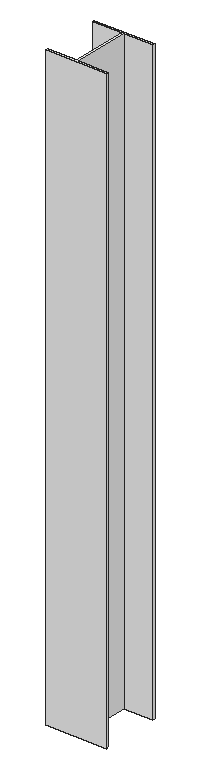
Revit family "VS - CS de vigas soldadas - Coluna", category Pilares estruturais, Revit 2019
Family settings
  Forma do corte = Não definido
  Material para o comportamento do modelo = Aço
  Exportar sempre como geometria = Não
  Redução da viga na planta = Da caixa de vinculação
  Corte com vazios quando carregada = Não
  Representação simbólica = Das configurações de projeto
  Compartilhado = Não
  Exibir o pré-corte da família na vista da planta = Sim
Parameters (values of type "CS 250x52")
  tw = 8 mm
  tf = 9.5 mm
  d = 250 mm
  bf = 250 mm
  W = 0.0518
  Structural Material [instance] = Metal - Aço - 250 MPa
  A = 0.0066 m²
Reference planes
  plane 1 "Centro (Frente/Trás)": y = 0
  plane 2: z = 0
  plane 3 "Centro (Esquerda/Direita)": x = 0
  plane 4 "Esquerda": x = -125
  plane 5 "Direita": x = 125
  plane 6 "Parte posterior": y = 125
  plane 7 "Parte frontal": y = -125
  plane 8: x = -4
  plane 9: x = 4
  plane 10: y = -115.5
  plane 11: y = 115.5
Forms (mm)
  Extrusion 1, solid, material "Metal - Aço - 250 MPa" <- "Structural Material", detail levels medium+fine
    sketch origin (0, 0, 0) x (1, 0, 0) y (0, 1, 0)
      loop
        line (-125, 125) -> (-125, 115.5) -> (-4, 115.5) -> (-4, -115.5) -> (-125, -115.5) -> (-125, -125) -> (125, -125) -> (125, -115.5) -> (4, -115.5) -> (4, 115.5) -> (125, 115.5) -> (125, 125) -> (-125, 125)
    from 0 to 2500
Lines and regions (mm)
  symbolic lines, style "StructuralColumnStickSymbols", detail levels coarse
    curve 1: line (125, 125, 0) -> (-125, 125, 0)
    curve 2: line (-125, -125, 0) -> (125, -125, 0)
    curve 3: line (0, 125, 0) -> (0, -125, 0)
  symbolic lines, style "Faces ocultas", detail levels medium+fine
    curve 4: line (4, 125, 0) -> (4, 125, 2500)
    curve 5: line (-4, 125, 2500) -> (-4, 125, 0)
Dimensions and locks
  equal spacing: plane 4 "Esquerda", plane 3 "Centro (Esquerda/Direita)", plane 5 "Direita"
  equal spacing: plane 7 "Parte frontal", plane 1 "Centro (Frente/Trás)", plane 6 "Parte posterior"
  "bf": plane 4 "Esquerda" to plane 5 "Direita"
  "d": plane 7 "Parte frontal" to plane 6 "Parte posterior"
  "tf": plane 6 "Parte posterior" to plane 11
  "tf": plane 10 to plane 7 "Parte frontal"
  equal spacing: plane 8, plane 3 "Centro (Esquerda/Direita)", plane 9
  "tw": plane 8 to plane 9
  aligned and locked: level to plane 2
  aligned and locked: plane 6 "Parte posterior" to Extrusion 1 sketch curve
  aligned and locked: Extrusion 1 sketch curve to plane 7 "Parte frontal"
  aligned and locked: plane 5 "Direita" to Extrusion 1 sketch curve  (x2)
  aligned and locked: Extrusion 1 sketch curve to plane 4 "Esquerda"  (x2)
  aligned and locked: level to Extrusion 1
  aligned and locked: Extrusion 1 to level
  aligned and locked: plane 11 to Extrusion 1 sketch curve  (x2)
  aligned and locked: plane 8 to Extrusion 1 sketch curve
  aligned and locked: plane 9 to Extrusion 1 sketch curve
  aligned and locked: Extrusion 1 sketch curve to plane 10  (x2)
  aligned and locked: curve 1 to Extrusion 1
  aligned and locked: curve 2 to Extrusion 1
  aligned and locked: curve 3 to plane 3 "Centro (Esquerda/Direita)"
  aligned and locked: plane 4 "Esquerda" to curve 1
  aligned and locked: plane 5 "Direita" to curve 1
  aligned and locked: plane 4 "Esquerda" to curve 2
  aligned and locked: plane 5 "Direita" to curve 2
  aligned and locked: plane 7 "Parte frontal" to curve 3
  aligned and locked: plane 6 "Parte posterior" to curve 3
  aligned and locked: curve 4 to Extrusion 1
  aligned and locked: curve 5 to Extrusion 1
  aligned and locked: level to curve 4
  aligned and locked: level to curve 5
  aligned and locked: plane 2 to curve 4
  aligned and locked: plane 2 to curve 5
Automatic sketch dimensions
  curve 5 to plane 8 = 0 mm
  plane 9 to curve 4 = 0 mm
Types in the file's own list only (99): name | tw | tf | d | bf | W | A
  CS 250x63 | 8 mm | 13 mm | 250 mm | 250 mm | 0.0632 | 0.01 m²
  CS 250x66 | 10 mm | 13 mm | 250 mm | 250 mm | 0.0658 | 0.01 m²
  CS 250x76 | 8 mm | 16 mm | 250 mm | 250 mm | 0.0765 | 0.01 m²
  CS 250x79 | 10 mm | 16 mm | 250 mm | 250 mm | 0.0791 | 0.01 m²
  CS 250x84 | 13 mm | 16 mm | 250 mm | 250 mm | 0.0842 | 0.01 m²
  CS 250x90 | 10 mm | 19 mm | 250 mm | 250 mm | 0.0904 | 0.01 m²
  CS 250x95 | 13 mm | 19 mm | 250 mm | 250 mm | 0.0954 | 0.01 m²
  CS 250x108 | 13 mm | 22 mm | 250 mm | 250 mm | 0.108 | 0.01 m²
  CS 300x62 | 8 mm | 10 mm | 300 mm | 300 mm | 0.0624 | 0.01 m²
  CS 300x76 | 8 mm | 13 mm | 300 mm | 300 mm | 0.0761 | 0.01 m²
  CS 300x95 | 10 mm | 16 mm | 300 mm | 300 mm | 0.0953 | 0.01 m²
  CS 300x102 | 13 mm | 16 mm | 300 mm | 300 mm | 0.102 | 0.01 m²
  CS 300x109 | 10 mm | 19 mm | 300 mm | 300 mm | 0.109 | 0.01 m²
  CS 300x115 | 13 mm | 19 mm | 300 mm | 300 mm | 0.115 | 0.01 m²
  CS 300x122 | 16 mm | 19 mm | 300 mm | 300 mm | 0.122 | 0.02 m²
  CS 300x131 | 13 mm | 22 mm | 300 mm | 300 mm | 0.131 | 0.02 m²
  CS 300x138 | 16 mm | 22 mm | 300 mm | 300 mm | 0.138 | 0.02 m²
  CS 300x149 | 16 mm | 25 mm | 300 mm | 300 mm | 0.149 | 0.02 m²
  CS 350x93 | 10 mm | 13 mm | 350 mm | 350 mm | 0.0929 | 0.01 m²
  CS 350x112 | 10 mm | 16 mm | 350 mm | 350 mm | 0.112 | 0.01 m²
  CS 350x119 | 13 mm | 16 mm | 350 mm | 350 mm | 0.119 | 0.02 m²
  CS 350x128 | 10 mm | 19 mm | 350 mm | 350 mm | 0.128 | 0.02 m²
  CS 350x135 | 13 mm | 19 mm | 350 mm | 350 mm | 0.135 | 0.02 m²
  CS 350x144 | 16 mm | 19 mm | 350 mm | 350 mm | 0.144 | 0.02 m²
  CS 350x153 | 13 mm | 22 mm | 350 mm | 350 mm | 0.153 | 0.02 m²
  CS 350x161 | 16 mm | 22 mm | 350 mm | 350 mm | 0.161 | 0.02 m²
  CS 350x175 | 16 mm | 25 mm | 350 mm | 350 mm | 0.175 | 0.02 m²
  CS 350x183 | 19 mm | 25 mm | 350 mm | 350 mm | 0.182 | 0.02 m²
  CS 350x216 | 19 mm | 32 mm | 350 mm | 350 mm | 0.216 | 0.03 m²
  CS 400x106 | 10 mm | 13 mm | 400 mm | 400 mm | 0.106 | 0.01 m²
  CS 400x128 | 10 mm | 16 mm | 400 mm | 400 mm | 0.128 | 0.02 m²
  CS 400x137 | 13 mm | 16 mm | 400 mm | 400 mm | 0.137 | 0.02 m²
  CS 400x146 | 10 mm | 19 mm | 400 mm | 400 mm | 0.146 | 0.02 m²
  CS 400x155 | 13 mm | 19 mm | 400 mm | 400 mm | 0.155 | 0.02 m²
  CS 400x165 | 16 mm | 19 mm | 400 mm | 400 mm | 0.165 | 0.02 m²
  CS 400x176 | 13 mm | 22 mm | 400 mm | 400 mm | 0.176 | 0.02 m²
  CS 400x185 | 16 mm | 22 mm | 400 mm | 400 mm | 0.185 | 0.02 m²
  CS 400x201 | 16 mm | 25 mm | 400 mm | 400 mm | 0.201 | 0.03 m²
  CS 400x209 | 19 mm | 25 mm | 400 mm | 400 mm | 0.209 | 0.03 m²
  CS 400x248 | 19 mm | 32 mm | 400 mm | 400 mm | 0.248 | 0.03 m²
  CS 450x154 | 13 mm | 16 mm | 450 mm | 450 mm | 0.154 | 0.02 m²
  CS 450x175 | 13 mm | 19 mm | 450 mm | 450 mm | 0.175 | 0.02 m²
  CS 450x186 | 16 mm | 19 mm | 450 mm | 450 mm | 0.186 | 0.02 m²
  CS 450x198 | 13 mm | 22 mm | 450 mm | 450 mm | 0.198 | 0.03 m²
  CS 450x209 | 16 mm | 22 mm | 450 mm | 450 mm | 0.209 | 0.03 m²
  CS 450x227 | 16 mm | 25 mm | 450 mm | 450 mm | 0.227 | 0.03 m²
  CS 450x236 | 19 mm | 25 mm | 450 mm | 450 mm | 0.236 | 0.03 m²
  CS 450x280 | 19 mm | 32 mm | 450 mm | 450 mm | 0.28 | 0.04 m²
  CS 450x291 | 22 mm | 32 mm | 450 mm | 450 mm | 0.291 | 0.04 m²
  CS 450x321 | 19 mm | 38 mm | 450 mm | 450 mm | 0.321 | 0.04 m²
  CS 450x331 | 22 mm | 38 mm | 450 mm | 450 mm | 0.331 | 0.04 m²
  CS 500x172 | 13 mm | 16 mm | 500 mm | 500 mm | 0.172 | 0.02 m²
  CS 500x194 | 13 mm | 19 mm | 500 mm | 500 mm | 0.194 | 0.02 m²
  CS 500x207 | 16 mm | 19 mm | 500 mm | 500 mm | 0.207 | 0.03 m²
  CS 500x221 | 13 mm | 22 mm | 500 mm | 500 mm | 0.221 | 0.03 m²
  CS 500x233 | 16 mm | 22 mm | 500 mm | 500 mm | 0.233 | 0.03 m²
  CS 500x253 | 16 mm | 25 mm | 500 mm | 500 mm | 0.253 | 0.03 m²
  CS 500x283 | 19 mm | 25 mm | 500 mm | 500 mm | 0.263 | 0.03 m²
  CS 500x312 | 19 mm | 32 mm | 500 mm | 500 mm | 0.312 | 0.04 m²
  CS 500x324 | 22 mm | 32 mm | 500 mm | 500 mm | 0.324 | 0.04 m²
  CS 500x333 | 25 mm | 32 mm | 500 mm | 500 mm | 0.333 | 0.04 m²
  CS 500x369 | 22 mm | 38 mm | 500 mm | 500 mm | 0.369 | 0.05 m²
  CS 500x378 | 25 mm | 38 mm | 500 mm | 500 mm | 0.378 | 0.05 m²
  CS 550x228 | 16 mm | 19 mm | 550 mm | 550 mm | 0.228 | 0.03 m²
  CS 550x257 | 16 mm | 22 mm | 550 mm | 550 mm | 0.257 | 0.03 m²
  CS 550x279 | 16 mm | 25 mm | 550 mm | 550 mm | 0.279 | 0.04 m²
  CS 500x290 | 19 mm | 25 mm | 550 mm | 550 mm | 0.29 | 0.04 m²
  CS 550x345 | 19 mm | 32 mm | 550 mm | 550 mm | 0.345 | 0.04 m²
  CS 550x358 | 22 mm | 32 mm | 550 mm | 550 mm | 0.358 | 0.05 m²
  CS 550x368 | 25 mm | 32 mm | 550 mm | 550 mm | 0.368 | 0.05 m²
  CS 550x395 | 19 mm | 38 mm | 550 mm | 550 mm | 0.395 | 0.05 m²
  CS 550x407 | 22 mm | 38 mm | 550 mm | 550 mm | 0.407 | 0.05 m²
  CS 550x417 | 25 mm | 38 mm | 550 mm | 550 mm | 0.417 | 0.05 m²
  CS 550x441 | 32 mm | 38 mm | 550 mm | 550 mm | 0.441 | 0.06 m²
  CS 550x495 | 32 mm | 44 mm | 550 mm | 550 mm | 0.495 | 0.06 m²
  CS 600x281 | 16 mm | 22 mm | 600 mm | 600 mm | 0.281 | 0.04 m²
  CS 600x250 | 16 mm | 19 mm | 600 mm | 600 mm | 0.25 | 0.03 m²
  CS 600x305 | 16 mm | 25 mm | 600 mm | 600 mm | 0.305 | 0.04 m²
  CS 600x318 | 19 mm | 25 mm | 600 mm | 600 mm | 0.318 | 0.04 m²
  CS 600x377 | 19 mm | 32 mm | 600 mm | 600 mm | 0.377 | 0.05 m²
  CS 600x391 | 22 mm | 32 mm | 600 mm | 600 mm | 0.391 | 0.05 m²
  CS 600x402 | 25 mm | 32 mm | 600 mm | 600 mm | 0.402 | 0.05 m²
  CS 600x432 | 19 mm | 38 mm | 600 mm | 600 mm | 0.432 | 0.06 m²
  CS 600x446 | 22 mm | 38 mm | 600 mm | 600 mm | 0.446 | 0.06 m²
  CS 600x456 | 25 mm | 38 mm | 600 mm | 600 mm | 0.456 | 0.06 m²
  CS 600x483 | 32 mm | 38 mm | 600 mm | 600 mm | 0.483 | 0.06 m²
  CS 600x541 | 32 mm | 44 mm | 600 mm | 600 mm | 0.541 | 0.07 m²
  CS 650x305 | 16 mm | 22 mm | 650 mm | 650 mm | 0.305 | 0.04 m²
  CS 650x330 | 16 mm | 25 mm | 650 mm | 650 mm | 0.33 | 0.04 m²
  CS 650x345 | 19 mm | 25 mm | 650 mm | 650 mm | 0.345 | 0.04 m²
  CS 650x395 | 16 mm | 32 mm | 650 mm | 650 mm | 0.395 | 0.05 m²
  CS 650x409 | 19 mm | 32 mm | 650 mm | 650 mm | 0.409 | 0.05 m²
  CS 650x425 | 22 mm | 32 mm | 650 mm | 650 mm | 0.425 | 0.05 m²
  CS 650x437 | 25 mm | 32 mm | 650 mm | 650 mm | 0.437 | 0.06 m²
  CS 600x468 | 19 mm | 38 mm | 650 mm | 650 mm | 0.468 | 0.06 m²
  CS 650x484 | 22 mm | 38 mm | 650 mm | 650 mm | 0.484 | 0.06 m²
  CS 650x496 | 25 mm | 38 mm | 650 mm | 650 mm | 0.496 | 0.06 m²
  CS 600x525 | 32 mm | 38 mm | 650 mm | 650 mm | 0.525 | 0.07 m²
  CS 650x588 | 32 mm | 44 mm | 650 mm | 650 mm | 0.588 | 0.07 m²
